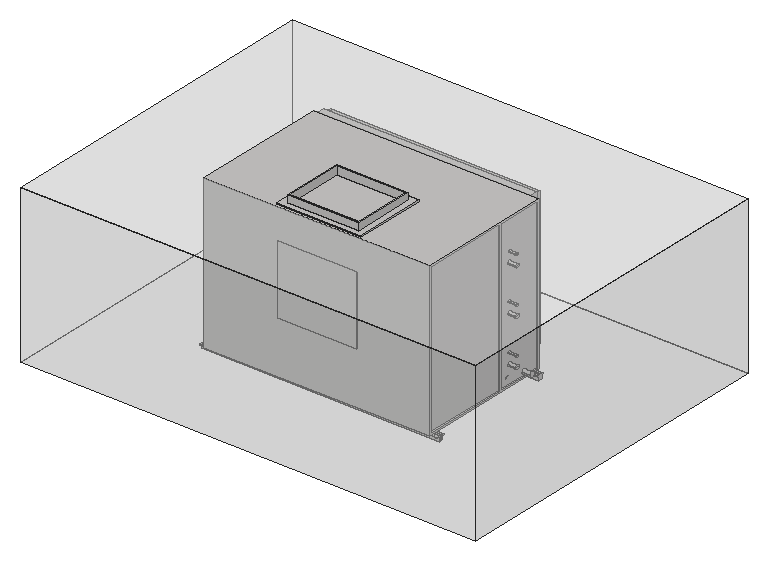
Revit family "outputfile", category 機械設備, Revit 2024
Family settings
  丸型コネクタ寸法 = 半径を使用
  パーツ タイプ = 標準
  OmniClass 番号 = 23.75.10.24.21.27.27
  OmniClass タイトル = Split System Air Conditioning Units
  作業面ベース = いいえ
  常に垂直 = はい
  ロード時にボイドで切り取り = いいえ
  注釈の向きを維持 = いいえ
  共有 = いいえ
  部屋計算ポイント = はい
Parameters (values of type "FBVN300H3BY1C")
  Description = ""
  書き出し IFC クラス(タイプ) = "IfcUnitaryEquipmentType"
  定義済み IFC タイプ(タイプ) = "AIRCONDITIONINGUNIT"
  Cost = 0
  Type Comments = ""
  Keynote = ""
  Type Image = (empty or 0)
  Assembly Code = ""
  switch_frequency = yes
  lw_power = 850 mm
  lw_frontpanel = 620 mm
  lw_box_front = lw_box + 18 mm  # 115 mm
  lw_box = 97 mm
  lw_RA = 853 mm
  lh_liquidpipe_3 = 267 mm
  lh_liquidpipe_2 = 626 mm
  lh_height_SA = 482 mm
  lh_ld_mountinghole_height = 35 mm
  lh_height_RA = 1073 mm
  lh_hangerfixture = 35 mm
  lh_gaspipe_3 = 187 mm
  lh_gaspipe_2 = 546 mm
  lh_frontpanel_bottom = if(Width = 1766 mm, 444 mm, if(Width = 2022 mm, 317 mm, 402 mm))  # 444 mm
  lh_frontpanel = if(Width = 1766 mm, 542 mm, if(Width = 2022 mm, 542 mm, 758 mm))  # 542 mm
  lh_circlevoid = 100.5 mm
  lh_box_top = 95 mm
  lh_box = 351 mm
  lh_SA = 1291 mm
  lh_RA = 659.5 mm
  ld_void = 680 mm
  ld_frontpanel = 0 mm
  ld_depth_SA = 301 mm
  ld_depth_RA = 130 mm
  ld_circlevoid = 294.5 mm
  ld_box_left = 115 mm
  ld_box = 490 mm
  connector_voltage = 0 V
  connector_powerinput = [Power Input (Cooling)]  # 29.700 kW
  connector_phase = 1
  製造元 = "Daikin"
  モデル = "FBVN300H3BY1C"
  w_pipe = 33 mm
  r_Liquid Pipe Size = Liquid Pipe Size / 2  # 6.35 mm
  r_Gas Pipe Size = Gas Pipe Size / 2  # 12.7 mm
  r_Drain Pipe Size = Drain Pipe Size / 2  # 17.0 mm
  lw_powersupply = lw_power  # 850 mm
  lw_width_RA = 1636 mm
  lw_width_SA = 560 mm
  lh_suctionflange [instance] = 100 mm
  ld_suctionflange [instance] = 190 mm
  ld_powersupply = 200 mm
  angle_vertical_RA [instance] = 90.00°
  angle horizontal_RA [instance] = 180.00°
  Voltage_comment_50Hz = "380 - 415"
  Voltage_50Hz = 400 V
  URL = ""
  Sound Power Level_H speed (dB) = 0
  Phase_50Hz = 3
  Minimum External Static Pressure = 0.00 Pa
  Minimum Circuit Amps_50Hz = 0.0 A
  Maximum Fuse Amps_50Hz = 0.0 A
  Maximum External Static Pressure = 200.00 Pa
  Material_Casing = DAIKIN_GalvanizedSteel_Casing_indoorunit
  lw_liquidpipe = 933 mm
  lw_gaspipe = 933 mm
  lw_mountinghole_pitch = 1826 mm
  lw_mountinghole = 1866 mm
  lw_drainpipe = 933 mm
  lh_powersupply = 785 mm
  lh_liquidpipe = 981 mm
  lh_gaspipe = 901 mm
  lh_mountinghole = 5 mm
  lh_drainpipe = 73 mm
  lh_antena = Height - 4 mm  # 1227 mm
  ld_liquidpipe = 262.5 mm
  ld_gaspipe = 262.5 mm
  ld_mountinghole_pitch = 974 mm
  ld_drainpipe = 405.5 mm
  ld_controlbox = 626 mm
  h*** = 0 mm  # constant formula
  d_dischargeflange = 60 mm
  Width = 1766 mm
  Version = "ver.1.0"
  Unit Type = "Duct"
  Unit Mass Weight = 337.00 kg
  Unit Designation [instance] = ""
  Uniclass2015Version = "Products v1.30"
  Uniclass2015Title = "Split coil room air conditioning units"
  Uniclass2015Code = "Pr_70_65_03_86"
  Total Cooling Capacity [instance] = 0.000 kW
  Sound Pressure Level_M speed (dBA) = 0
  Sound Pressure Level_L speed (dBA) = 0
  Sound Pressure Level_H speed (dBA) = 66
  Series = "Package Aircon_Fan Coil Unit"
  Sensible Cooling Capacity [instance] = 0.000 kW
  SA Duct Size Width = 560 mm
  SA Duct Size Height = 482 mm
  Refrigerant Type = "R410A"
  RA Duct Size Width = 1636 mm
  RA Duct Size Height = 1073 mm
  Power Input (Cooling) = 29.700 kW
  Option Accessory 3 [instance] = ""
  Option Accessory 2 [instance] = ""
  Option Accessory 1 [instance] = ""
  Nominal Cooling Capacity = 88.000 kW
  Minimum Airflow = 0.00 m³/h
  Median Airflow = 0.00 m³/h
  Maximum Airflow = 15291.00 m³/h
  Load Classification = HVAC
  Liquid Pipe Size = 12.7 mm
  Link_Nested Family [instance] = ""
  IfcVersion = ""
  IfcExportType = "AIRCONDITIONINGUNIT"
  IfcExportAs = "IfcUnitaryEquipmentType"
  Height = 1231 mm
  Heat Exchanger Type = "Cross Fin Coil"
  Gas Pipe Size = 25.4 mm
  Frequency_50Hz = 50 Hz
  Fan Type = "Sirocco Fan"
  Fan Drive = "-"
  FCU Tag No. [instance] = ""
  Drain Pipe Size = 34.0 mm
  Design Supply Airflow [instance] = 0.00 m³/h
  Design Return Airflow [instance] = 0.00 m³/h
  Design External Static Pressure [instance] = 0.00 Pa
  Depth = 1069 mm
  既定の高さ = 0 mm
  Cooling Entering Wet Bulb Temperature [instance] = 0.00 °C
  Cooling Entering Dry Bulb Temperature [instance] = 0.00 °C
  Cooling Ambient Wet Bulb Temperature [instance] = 0.00 °C
  Cooling Ambient Dry Bulb Temperature [instance] = 0.00 °C
  Clearance visibility [instance] = yes
  Clearance Top = 0 mm
  Clearance Right = 1000 mm
  Clearance Rear = 800 mm
  Clearance Left = 800 mm
  Clearance Front = 800 mm
  Clearance Bottom = 0 mm
Reference planes
  plane 1 "Center (Front/Back)": y = 0
  plane 2: z = 0
  plane 3 "Center (Left/Right)": x = 0
  plane 4 "Back": y = 534.5
  plane 5 "Front": y = -534.5
  plane 6 "Left": x = -883
  plane 7 "Right": x = 883
  plane 8 "Top": z = 0
  plane 9 "Bottom": z = -1231
  plane 10: z = -250
  plane 11: z = -330
  plane 12: x = -913
  plane 13: x = 913
  plane 14: x = 933
  plane 15: x = 933
  plane 16: z = -1226
  plane 17 "Clearance Left": x = -1683
  plane 18 "Clearance Right": x = 1883
  plane 19 "Clearance Rear": y = 1334.5
  plane 20 "Clearance Front": y = -1334.5
  plane 21 "Clearance Bottom": z = -1231
  plane 22: z = -1158
  plane 23 "ld_gas": y = 262.5
  plane 24: y = 262.5
  plane 25: y = -30
  plane 26: y = 405.5
  plane 27: y = 344.5
  plane 28: x = 933
  plane 29: y = 487
  plane 30: y = -487
  plane 31: y = -233.5
  plane 32: y = 664.5
  plane 33 "Clearance Top": z = 0
  plane 34: z = -446
  plane 35: y = -200
  plane 36 "hangerfixture": z = -1196
  plane 37 "lh_SA": z = 60
  plane 38 "lh_RA": z = -571.5
  plane 39 "RA_center": x = -30
  plane 40: y = -524.5
  plane 41: y = 155.5
  plane 42: y = 524.5
  plane 43: z = -10
  plane 44: z = -1186
  plane 45: y = 165.5
  plane 46: y = -524.5
  plane 47: y = 155.5
  plane 48: y = 524.5
  plane 49: z = -10
  plane 50: z = -1186
  plane 51: y = 165.5
  plane 52 "box_bottom": z = -446
  plane 53 "box_top": z = -95
  plane 54: x = -310
  plane 55: x = 310
  plane 56: y = -534.5
  plane 57: y = -524.5
  plane 58 "lw_power": x = 850
  plane 59: z = -605
  plane 60: z = -685
  plane 61: z = -964
  plane 62: z = -1044
  plane 63: x = 863
  plane 64: x = -863
  plane 65: z = -787
  plane 66: z = -245
Forms (mm)
  Extrusion 1, solid, material "DAIKIN_GalvanizedSteel_Casing_indoorunit" <- "Material_Casing"
    sketch origin (0, -0.8, 0) x (1, 0, 0) y (0, 1, 0)
      loop
        line (-883, -533.7) -> (883, -533.7) -> (883, 535.3) -> (-883, 535.3) -> (-883, -533.7)
    from -1196 to 0
  Revolve 2, solid, material "DAIKIN_GalvanizedSteel_Casing_indoorunit" <- "Material_Casing"
    sketch origin (0, 0, -330) x (0, -1, 0) y (1, 0, 0)
      loop
        line (-249.8, 863) -> (-249.8, 933) -> (-262.5, 933) -> (-262.5, 863) -> (-249.8, 863)
      axis (-262.5, 863) -> (-262.5, 933)
    angle from 0 to 360
  Revolve 3, solid, material "DAIKIN_GalvanizedSteel_Casing_indoorunit" <- "Material_Casing"
    sketch origin (0, 0, -250) x (0, -1, 0) y (1, 0, 0)
      loop
        line (-262.5, 863) -> (-262.5, 933) -> (-268.85, 933) -> (-268.85, 863) -> (-262.5, 863)
      axis (-262.5, 933) -> (-262.5, 863)
    angle from 0 to 360
  Extrusion 4, solid, material "DAIKIN_GalvanizedSteel_Casing_indoorunit" <- "Material_Casing"
    sketch origin (0, 0, 0) x (0, 1, 0) y (0, 0, 1)
      loop
        circle (405.5, -1158) r 17
    from 933 to 863
  Extrusion 5, void
    sketch origin (883, 0, 0) x (0, 1, 0) y (0, 0, 1)
      loop
        line (-524.5, -10) -> (-524.5, -1186) -> (155.5, -1186) -> (155.5, -10) -> (-524.5, -10)
      loop
        line (524.5, -10) -> (165.5, -10) -> (165.5, -1186) -> (524.5, -1186) -> (524.5, -10)
    from 0 to -20
  Extrusion 6, void
    sketch origin (-883, 0, 0) x (0, 1, 0) y (0, 0, 1)
      loop
        line (-524.5, -10) -> (-524.5, -1186) -> (155.5, -1186) -> (155.5, -10) -> (-524.5, -10)
      loop
        line (524.5, -10) -> (165.5, -10) -> (165.5, -1186) -> (524.5, -1186) -> (524.5, -10)
    from 0 to 20
  Extrusion 7, solid, material "DAIKIN_GalvanizedSteel_Casing_indoorunit" <- "Material_Casing"
    sketch origin (0, 0, -1231) x (-1, 0, 0) y (0, -1, 0)
      loop
        line (310, 524.5) -> (310, 534.5) -> (-310, 534.5) -> (-310, 524.5) -> (310, 524.5)
    from 444 to 986
  Revolve 8, solid, material "DAIKIN_GalvanizedSteel_Casing_indoorunit" <- "Material_Casing"
    sketch origin (0, 0, -685) x (0, -1, 0) y (1, 0, 0)
      loop
        line (-249.8, 863) -> (-249.8, 933) -> (-262.5, 933) -> (-262.5, 863) -> (-249.8, 863)
      axis (-262.5, 863) -> (-262.5, 933)
    angle from 0 to 360
  Revolve 9, solid, material "DAIKIN_GalvanizedSteel_Casing_indoorunit" <- "Material_Casing"
    sketch origin (0, 0, -605) x (0, -1, 0) y (1, 0, 0)
      loop
        line (-262.5, 863) -> (-262.5, 933) -> (-268.85, 933) -> (-268.85, 863) -> (-262.5, 863)
      axis (-262.5, 933) -> (-262.5, 863)
    angle from 0 to 360
  Extrusion 10, void
    sketch origin (883, 0, 0) x (0, 1, 0) y (0, 0, 1)
      loop
        circle (240, -1130.5) r 13.5
    from -21 to 0
  Revolve 11, solid, material "DAIKIN_GalvanizedSteel_Casing_indoorunit" <- "Material_Casing"
    sketch origin (0, 0, -1044) x (0, -1, 0) y (1, 0, 0)
      loop
        line (-249.8, 863) -> (-249.8, 933) -> (-262.5, 933) -> (-262.5, 863) -> (-249.8, 863)
      axis (-262.5, 863) -> (-262.5, 933)
    angle from 0 to 360
  Revolve 12, solid, material "DAIKIN_GalvanizedSteel_Casing_indoorunit" <- "Material_Casing"
    sketch origin (0, 0, -964) x (0, -1, 0) y (1, 0, 0)
      loop
        line (-262.5, 863) -> (-262.5, 933) -> (-268.85, 933) -> (-268.85, 863) -> (-262.5, 863)
      axis (-262.5, 933) -> (-262.5, 863)
    angle from 0 to 360
Cuts and joins
  Extrusion 5, Extrusion 6, Extrusion 10 cuts Extrusion 1
  Extrusion 6 cuts Revolve 2
  Extrusion 6 cuts Revolve 3
  Extrusion 6 cuts Extrusion 4
Dimensions and locks
  equal spacing: plane 12, plane 3 "Center (Left/Right)", plane 13
  "lw_mountinghole_pitch": plane 12 to plane 13
  "lh_liquidpipe": plane 10 to plane 9 "Bottom"
  "lh_gaspipe": plane 11 to plane 9 "Bottom"
  equal spacing: plane 6 "Left", plane 3 "Center (Left/Right)", plane 7 "Right"
  "Width": plane 6 "Left" to plane 7 "Right"
  "Clearance Right": plane 7 "Right" to plane 18 "Clearance Right"
  "Clearance Left": plane 17 "Clearance Left" to plane 6 "Left"
  "Clearance Rear": plane 19 "Clearance Rear" to plane 4 "Back"
  "Clearance Front": plane 5 "Front" to plane 20 "Clearance Front"
  "Depth": plane 4 "Back" to plane 5 "Front"
  equal spacing: plane 4 "Back", plane 1 "Center (Front/Back)", plane 5 "Front"
  "ld_suctionflange": plane 4 "Back" to plane 27
  "r_Liquid Pipe Size": nested 5 to Revolve 3 sketch curve
  equal spacing: plane 29, plane 1 "Center (Front/Back)", plane 30
  "ld_mountinghole_pitch": plane 29 to plane 30
  "lw_liquidpipe": plane 3 "Center (Left/Right)" to plane 14
  "lw_gaspipe": plane 3 "Center (Left/Right)" to plane 15
  "lw_drainpipe": plane 3 "Center (Left/Right)" to plane 28
  "lh_drainpipe": plane 22 to plane 9 "Bottom"
  "Clearance Top": plane 33 "Clearance Top" to plane 8 "Top"
  "Clearance Bottom": plane 9 "Bottom" to plane 21 "Clearance Bottom"
  "lh_powersupply": plane 34 to plane 9 "Bottom"
  plane 8 "Top" to level = 0 mm
  "lh_hangerfixture": plane 36 "hangerfixture" to plane 9 "Bottom"
  "lh_SA": plane 37 "lh_SA" to plane 9 "Bottom"
  "ld_depth_RA": plane 32 to plane 4 "Back"
  "lh_RA": plane 38 "lh_RA" to plane 9 "Bottom"
  "lw_RA": plane 6 "Left" to plane 39 "RA_center"
  locked: plane 36 "hangerfixture" to plane 44 at 10
  plane 5 "Front" to plane 40 = 10 mm
  locked: plane 8 "Top" to plane 43 at 10
  plane 42 to plane 4 "Back" = 10 mm
  "ld_void": plane 40 to plane 41
  "ld_void": plane 46 to plane 47
  plane 5 "Front" to plane 46 = 10 mm
  plane 48 to plane 4 "Back" = 10 mm
  locked: plane 8 "Top" to plane 49 at 10
  locked: plane 50 to plane 36 "hangerfixture" at 10
  "lh_box_top": plane 8 "Top" to plane 53 "box_top"
  "lh_box": plane 53 "box_top" to plane 52 "box_bottom"
  equal spacing: plane 54, plane 3 "Center (Left/Right)", plane 55
  "lw_power": plane 3 "Center (Left/Right)" to plane 58 "lw_power"
  "lh_gaspipe_2": plane 60 to plane 9 "Bottom"
  "lh_liquidpipe_2": plane 59 to plane 9 "Bottom"
  "ld_powersupply": plane 35 to plane 1 "Center (Front/Back)"
  "ld_drainpipe": plane 26 to plane 1 "Center (Front/Back)"
  "ld_gaspipe": plane 23 "ld_gas" to plane 1 "Center (Front/Back)"
  "r_Gas Pipe Size": plane 23 "ld_gas" to Revolve 8 sketch curve
  "r_Gas Pipe Size": plane 23 "ld_gas" to Revolve 2 sketch curve
  "r_Liquid Pipe Size": Revolve 9 sketch curve to plane 24
  "ld_liquidpipe": plane 24 to plane 1 "Center (Front/Back)"
  "ld_depth_SA": plane 31 to plane 5 "Front"
  "lh_circlevoid": Extrusion 10 sketch curve to plane 9 "Bottom"
  "Height": plane 8 "Top" to plane 9 "Bottom"
  "lh_mountinghole": plane 16 to plane 9 "Bottom"
  "lh_gaspipe_3": plane 62 to plane 9 "Bottom"
  "lh_liquidpipe_3": plane 61 to plane 9 "Bottom"
  "ld_circlevoid": Extrusion 10 sketch curve to plane 4 "Back"
  locked: plane 63 to plane 7 "Right" at 20
  locked: plane 6 "Left" to plane 64 at 20
  "lh_frontpanel_bottom": plane 65 to plane 9 "Bottom"
  "lh_frontpanel": plane 66 to plane 65
  "r_Gas Pipe Size": plane 24 to Revolve 11 sketch curve
  "r_Liquid Pipe Size": Revolve 12 sketch curve to plane 24
  "lw_frontpanel": plane 54 to plane 55
  locked: plane 57 to plane 5 "Front" at 10
  "ld_frontpanel": plane 5 "Front" to plane 56
  locked: plane 41 to plane 45 at 10
  locked: plane 47 to plane 51 at 10
  "r_Drain Pipe Size": radius of Extrusion 4 sketch curve
  diameter of Extrusion 10 sketch curve = 27 mm
  aligned and locked: level to plane 2
  aligned and locked: plane 8 "Top" to Extrusion 1
  aligned and locked: Revolve 2 sketch curve to Revolve 2 sketch curve
  aligned and locked: plane 14 to nested 5
  aligned and locked: nested 5 to plane 10
  aligned and locked: plane 13 to nested 2
  aligned and locked: plane 12 to nested 3
  aligned and locked: plane 12 to nested 4
  aligned and locked: nested 6 to plane 11
  aligned and locked: plane 23 "ld_gas" to nested 6
  aligned and locked: plane 24 to nested 5
  aligned and locked: Extrusion 4 sketch curve to plane 26
  aligned and locked: nested 10 to plane 19 "Clearance Rear"
  aligned and locked: nested 10 to plane 18 "Clearance Right"
  aligned and locked: nested 10 to plane 17 "Clearance Left"
  aligned and locked: nested 10 to plane 20 "Clearance Front"
  aligned and locked: plane 28 to Extrusion 4
  aligned and locked: plane 15 to nested 6  (x2)
  aligned and locked: plane 13 to nested 1
  aligned and locked: plane 26 to nested 7
  aligned and locked: nested 7 to plane 22
  aligned and locked: nested 7 to plane 28
  aligned and locked: plane 29 to nested 1
  aligned and locked: plane 30 to nested 2
  aligned and locked: nested 4 to plane 29
  aligned and locked: nested 3 to plane 30
  aligned and locked: nested 9 to plane 4 "Back"
  aligned and locked: plane 32 to nested 13
  aligned and locked: plane 3 "Center (Left/Right)" to nested 12
  aligned and locked: nested 10 to plane 33 "Clearance Top"
  aligned and locked: nested 10 to plane 21 "Clearance Bottom"
  aligned and locked: nested 11 to plane 9 "Bottom"
  aligned and locked: plane 36 "hangerfixture" to Extrusion 1
  aligned and locked: Extrusion 1 to plane 5 "Front"
  aligned and locked: Extrusion 1 to plane 4 "Back"
  aligned and locked: plane 38 "lh_RA" to nested 9
  aligned and locked: nested 13 to plane 38 "lh_RA"
  aligned and locked: plane 39 "RA_center" to nested 9
  aligned and locked: nested 13 to plane 39 "RA_center"
  aligned and locked: Extrusion 5 sketch curve to plane 43
  aligned and locked: Extrusion 5 sketch curve to plane 40
  aligned and locked: plane 44 to Extrusion 5 sketch curve
  aligned and locked: Extrusion 5 sketch curve to plane 41
  aligned and locked: plane 43 to Extrusion 5 sketch curve
  aligned and locked: Extrusion 5 sketch curve to plane 42
  aligned and locked: Extrusion 5 sketch curve to plane 44
  aligned and locked: Extrusion 5 sketch curve to plane 45
  aligned and locked: Extrusion 6 sketch curve to plane 49
  aligned and locked: Extrusion 6 sketch curve to plane 46
  aligned and locked: plane 50 to Extrusion 6 sketch curve
  aligned and locked: Extrusion 6 sketch curve to plane 47
  aligned and locked: plane 49 to Extrusion 6 sketch curve
  aligned and locked: Extrusion 6 sketch curve to plane 48
  aligned and locked: Extrusion 6 sketch curve to plane 50
  aligned and locked: Extrusion 6 sketch curve to plane 51
  aligned and locked: Extrusion 7 sketch curve to plane 57
  aligned and locked: Extrusion 7 sketch curve to plane 54
  aligned and locked: plane 56 to Extrusion 7 sketch curve
  aligned and locked: plane 55 to Extrusion 7 sketch curve
  aligned and locked: Revolve 8 sketch curve to Revolve 8 sketch curve
  aligned and locked: nested 15 to plane 59
  aligned and locked: nested 16 to plane 60
  aligned and locked: plane 14 to Revolve 9
  aligned and locked: nested 15 to plane 14
  aligned and locked: plane 15 to cut or joined group of Revolve 2, Extrusion 6  (x3)
  aligned and locked: cut or joined group of Revolve 2, Extrusion 6 to plane 15
  aligned and locked: nested 14 to plane 35
  aligned and locked: Revolve 2 sketch curve to plane 23 "ld_gas"
  aligned and locked: plane 23 "ld_gas" to nested 16
  aligned and locked: plane 24 to nested 15
  aligned and locked: plane 37 "lh_SA" to nested 12
  aligned and locked: plane 37 "lh_SA" to nested 8
  aligned and locked: plane 31 to nested 12
  aligned and locked: plane 31 to nested 8
  aligned and locked: cut or joined group of Extrusion 1, Extrusion 5, Extrusion 6, Extrusion 10 to cut or joined group of Extrusion 4, Extrusion 6
  aligned and locked: cut or joined group of Extrusion 1, Extrusion 5, Extrusion 6, Extrusion 10 to Revolve 9
  aligned and locked: Revolve 8 to cut or joined group of Extrusion 1, Extrusion 5, Extrusion 6, Extrusion 10
  aligned and locked: cut or joined group of Extrusion 1, Extrusion 5, Extrusion 6, Extrusion 10 to cut or joined group of Revolve 3, Extrusion 6
  aligned and locked: cut or joined group of Revolve 2, Extrusion 6 to cut or joined group of Extrusion 1, Extrusion 5, Extrusion 6, Extrusion 10
  aligned and locked: nested 14 to plane 58 "lw_power"
  aligned and locked: nested 14 to plane 34
  aligned and locked: Revolve 11 sketch curve to Revolve 11 sketch curve
  aligned and locked: nested 17 to plane 61
  aligned and locked: nested 18 to plane 62
  aligned and locked: plane 64 to cut or joined group of Extrusion 1, Extrusion 5, Extrusion 6, Extrusion 10
  aligned and locked: Extrusion 5 to plane 63
  aligned and locked: plane 24 to nested 17
  aligned and locked: plane 23 "ld_gas" to nested 18
  aligned and locked: Extrusion 7 to plane 65
  aligned and locked: plane 66 to Extrusion 7
Automatic sketch dimensions
  Extrusion 1 sketch curve to plane 4 "Back" = 0 mm
  Extrusion 1 sketch curve to plane 6 "Left" = 0 mm
  Extrusion 1 sketch curve to plane 5 "Front" = 0 mm
  Extrusion 1 sketch curve to plane 7 "Right" = 0 mm
  Revolve 3 sketch curve to plane 23 "ld_gas" = 0 mm  (x2)
  Revolve 3 sketch curve to plane 14 = 0 mm  (x2)
  Revolve 3 sketch curve to plane 7 "Right" = 20 mm
  plane 7 "Right" to Revolve 3 sketch curve = 15 mm
  Extrusion 4 sketch curve to plane 22 = 0 mm
  Revolve 9 sketch curve to plane 23 "ld_gas" = 0 mm  (x2)
  Revolve 9 sketch curve to plane 14 = 0 mm  (x2)
  Revolve 9 sketch curve to plane 7 "Right" = 20 mm
  plane 7 "Right" to Revolve 9 sketch curve = 15 mm
  Revolve 12 sketch curve to plane 14 = 0 mm  (x2)
  Revolve 12 sketch curve to plane 23 "ld_gas" = 0 mm  (x2)
  Revolve 12 sketch curve to plane 7 "Right" = 20 mm
  plane 7 "Right" to Revolve 12 sketch curve = 15 mm
  Revolve 2 sketch curve to plane 63 = 0 mm
  Revolve 2 sketch curve to plane 14 = 0 mm
  plane 7 "Right" to Revolve 2 sketch curve = 2.003 mm
  plane 14 to Revolve 2 sketch curve = 1.003 mm
  Revolve 8 sketch curve to plane 23 "ld_gas" = 0 mm
  Revolve 8 sketch curve to plane 63 = 0 mm
  Revolve 8 sketch curve to plane 14 = 0 mm
  plane 7 "Right" to Revolve 8 sketch curve = 2.003 mm
  plane 14 to Revolve 8 sketch curve = 1.003 mm
  Revolve 11 sketch curve to plane 23 "ld_gas" = 0 mm
  Revolve 11 sketch curve to plane 63 = 0 mm
  Revolve 11 sketch curve to plane 14 = 0 mm
  plane 7 "Right" to Revolve 11 sketch curve = 2.003 mm
  plane 14 to Revolve 11 sketch curve = 1.003 mm
Nested families
  nested 1: "daikin_mountinghole" at (913, 487, -1231), Link_Nested Family <- "Link_Nested Family", h_mountinghole <- "lh_mountinghole", l_antenna <- "lh_antena", type "daikin_mountinghole"
    with show yes, l_antenna 1227 mm, h_mountinghole 5 mm, Link_Nested Family "", d_circle 23 mm
  nested 2: "daikin_mountinghole" at (913, -487, -1231), Link_Nested Family <- "Link_Nested Family", h_mountinghole <- "lh_mountinghole", l_antenna <- "lh_antena", type "daikin_mountinghole"
    with show yes, l_antenna 1227 mm, h_mountinghole 5 mm, Link_Nested Family "", d_circle 23 mm
  nested 3: "daikin_mountinghole" at (-913, -487, -1231), Link_Nested Family <- "Link_Nested Family", h_mountinghole <- "lh_mountinghole", l_antenna <- "lh_antena", type "daikin_mountinghole"
    with show yes, l_antenna 1227 mm, h_mountinghole 5 mm, Link_Nested Family "", d_circle 23 mm
  nested 4: "daikin_mountinghole" at (-913, 487, -1231), Link_Nested Family <- "Link_Nested Family", h_mountinghole <- "lh_mountinghole", l_antenna <- "lh_antena", type "daikin_mountinghole"
    with show yes, l_antenna 1227 mm, h_mountinghole 5 mm, Link_Nested Family "", d_circle 23 mm
  nested 5: "daikin_connector_rotate2" at (0, 262.5, -250) x (0, 1, 0) z (0, 0, 1), length <- "lw_liquidpipe", built-in parameter 1001364 <- "lh_liquidpipe", radius <- "r_Liquid Pipe Size", type "daikin_connector_rotate2"
    with radius 6.35 mm, length 933 mm, angle_vertical 90.00°
  nested 6: "daikin_connector_rotate2" at (0, 262.5, -330) x (0, 1, 0) z (0, 0, 1), length <- "lw_gaspipe", built-in parameter 1001364 <- "lh_gaspipe", radius <- "r_Gas Pipe Size", type "daikin_connector_rotate2"
    with radius 12.7 mm, length 933 mm, angle_vertical 90.00°
  nested 7: "daikin_connector_rotate2" at (0, 405.5, -1158) x (0, 1, 0) z (0, 0, 1), built-in parameter 1001364 <- "lh_drainpipe", length <- "lw_drainpipe", radius <- "r_Drain Pipe Size", type "daikin_connector_rotate2"
    with radius 17 mm, length 933 mm, angle_vertical 90.00°
  nested 8: "daikin_connector_rotate2" at (0, -233.5, 0) x (1, 0, 0) z (0, 1, 0), length <- "d_dischargeflange", type "daikin_connector_rotate2"
    with radius 10 mm, length 60 mm, angle_vertical 90.00°
  nested 9: "daikin_ductflange_FBVN-H3BY1C" at (-30, 534.5, -571.5), material <- "Material_Casing", width <- "lw_width_RA", height <- "lh_height_RA", depth <- "ld_depth_RA", type "daikin_ductflange_FBVN-H3BY1C"
    with x 15 mm, width 1636 mm, material DAIKIN_GalvanizedSteel_Casing_indoorunit, height 1073 mm, depth 130 mm
  nested 10: "daikin_clearancespace" at (100, 0, -615.381), visible <- "Clearance visibility", show <- "Clearance visibility", Link_Nested Family <- "Link_Nested Family", type "daikin_clearancespace"
    with width 3566 mm, show yes, height 1231 mm, depth 2669 mm, Link_Nested Family ""
  nested 11: "daikin_hangerfixture_FBVN-H3BY1C" at (0, 0, -1231), type "daikin_hangerfixture_FBVN-H3BY1C"
  nested 12: "daikin_ductflange_FBVN-H3BY1C_1" at (0, -422.901, 0) x (1, 0, 0) z (0, 1, 0), width <- "lw_width_SA", material <- "Material_Casing", height <- "lh_height_SA", depth <- "d_dischargeflange", type "daikin_ductflange_FBVN-H3BY1C_1"
    with width 560 mm, t 10 mm, material DAIKIN_GalvanizedSteel_Casing_indoorunit, height 482 mm, depth 60 mm
  nested 13: "daikin_connector_rotate2" at (-30, 534.5, -571.5) x (-1, 0, 0) z (0, 0, 1), length <- "ld_depth_RA", type "daikin_connector_rotate2"
    with radius 10 mm, length 130 mm, angle_vertical 90.00°
  nested 14: "daikin_connector_rotate2" at (850, -200, -95) x (0, 1, 0) z (1, 0, 0), length <- "lh_box", type "daikin_connector_rotate2"
    with radius 10 mm, length 351 mm, angle_vertical 90.00°
  nested 15: "daikin_connector_rotate2" at (0, 262.5, -605) x (0, 1, 0) z (0, 0, 1), length <- "lw_liquidpipe", built-in parameter 1001364 <- "lh_liquidpipe", radius <- "r_Liquid Pipe Size", type "daikin_connector_rotate2"
    with radius 6.35 mm, length 933 mm, angle_vertical 90.00°
  nested 16: "daikin_connector_rotate2" at (0, 262.5, -685) x (0, 1, 0) z (0, 0, 1), length <- "lw_gaspipe", built-in parameter 1001364 <- "lh_gaspipe", radius <- "r_Gas Pipe Size", type "daikin_connector_rotate2"
    with radius 12.7 mm, length 933 mm, angle_vertical 90.00°
  nested 17: "daikin_connector_rotate2" at (0, 262.5, -964) x (0, 1, 0) z (0, 0, 1), length <- "lw_liquidpipe", built-in parameter 1001364 <- "lh_liquidpipe", radius <- "r_Liquid Pipe Size", type "daikin_connector_rotate2"
    with radius 6.35 mm, length 933 mm, angle_vertical 90.00°
  nested 18: "daikin_connector_rotate2" at (0, 262.5, -1044) x (0, 1, 0) z (0, 0, 1), length <- "lw_gaspipe", built-in parameter 1001364 <- "lh_gaspipe", radius <- "r_Gas Pipe Size", type "daikin_connector_rotate2"
    with radius 12.7 mm, length 933 mm, angle_vertical 90.00°
Connectors
  piping at (933, 262.5, -330), diameter 25.4, driven by "r_Gas Pipe Size"
    settings: on nested 6, index 1, connector inside diameter 609.6 mm, connector length 0 mm, flow factor 0, pipe flow 0.00 m³/h, pressure drop 0.0 Pa, fitting loss kfactor 0, connector angle 0.00°, fixture units 0, engagement length 0 mm, angle of deflection 0.00°, flow configuration 1, flow direction 2, fitting loss method 0, system type 29, joint type 0, gender type 0, connector reference index -1, connector utility 0, adjustable connector no, is connector primary yes, connector description "Refrigerant Gas Piping"
  piping at (933, 262.5, -250), diameter 12.7, driven by "r_Liquid Pipe Size"
    settings: on nested 5, index 2, connector inside diameter 609.6 mm, connector length 0 mm, flow factor 0, pipe flow 0.00 m³/h, pressure drop 0.0 Pa, fitting loss kfactor 0, connector angle 0.00°, fixture units 0, engagement length 0 mm, angle of deflection 0.00°, flow configuration 1, flow direction 1, fitting loss method 0, system type 29, joint type 0, gender type 0, connector reference index -1, connector utility 0, adjustable connector no, is connector primary no, connector description "Refrigerant Liquid Piping"
  piping at (933, 405.5, -1158), diameter 34, driven by "r_Drain Pipe Size"
    settings: on nested 7, index 3, connector inside diameter 609.6 mm, connector length 0 mm, flow factor 0, pipe flow 0.00 m³/h, pressure drop 0.0 Pa, fitting loss kfactor 0, connector angle 0.00°, fixture units 0, engagement length 0 mm, angle of deflection 0.00°, flow configuration 1, flow direction 2, fitting loss method 4, system type 16, joint type 0, gender type 0, connector reference index -1, connector utility 0, adjustable connector no, is connector primary no, connector description "Condensate Drain Piping"
  hvac at (0, -233.5, 60), driven by "SA Duct Size Height", driven by "SA Duct Size Width"
    settings: on nested 8, index 7, duct flow 0.00 m³/h, flow factor 0, pres drop 0.00 Pa, loss coef 0, conn angle 0.00°, conn width 560.0 mm, conn height 482.0 mm, conn diameter 609.6 mm, duct sys type 1, conn prof type 1, flow config 0, flow direction 2, loss method 4, conn ref index -1, conn util no, is conn primary yes, conn desc "SA Duct"
  hvac at (-30, 664.5, -571.5), driven by "RA Duct Size Width", driven by "RA Duct Size Height"
    settings: on nested 13, index 8, duct flow 0.00 m³/h, flow factor 0, pres drop 0.00 Pa, loss coef 0, conn angle 0.00°, conn width 1636.0 mm, conn height 1073.0 mm, conn diameter 609.6 mm, duct sys type 2, conn prof type 1, flow config 0, flow direction 1, loss method 4, conn ref index -1, conn util no, is conn primary no, conn desc "RA Duct"
  electrical at (850, -200, -446), driven by "Load Classification", driven by "connector_phase", driven by "connector_powerinput", driven by "connector_voltage"
    settings: on nested 14, index 9, voltage 0 V, apparent load 29700 VA, apparent load phase1 0 VA, apparent load phase2 0 VA, apparent load phase3 0 VA, power factor 1, load classification "HVAC", number of poles 1, system type 30, power factor state 1, is connector primary yes, connector utility no, sub classification motor no, connector description "Power Supply"
  piping at (933, 262.5, -685), diameter 25.4, driven by "r_Gas Pipe Size"
    settings: on nested 16, index 10, connector inside diameter 609.6 mm, connector length 0 mm, flow factor 0, pipe flow 0.00 m³/h, pressure drop 0.0 Pa, fitting loss kfactor 0, connector angle 0.00°, fixture units 0, engagement length 0 mm, angle of deflection 0.00°, flow configuration 1, flow direction 2, fitting loss method 0, system type 29, joint type 0, gender type 0, connector reference index -1, connector utility 0, adjustable connector no, is connector primary no, connector description "Refrigerant Gas Piping"
  piping at (933, 262.5, -605), diameter 12.7, driven by "r_Liquid Pipe Size"
    settings: on nested 15, index 11, connector inside diameter 609.6 mm, connector length 0 mm, flow factor 0, pipe flow 0.00 m³/h, pressure drop 0.0 Pa, fitting loss kfactor 0, connector angle 0.00°, fixture units 0, engagement length 0 mm, angle of deflection 0.00°, flow configuration 1, flow direction 1, fitting loss method 0, system type 29, joint type 0, gender type 0, connector reference index -1, connector utility 0, adjustable connector no, is connector primary no, connector description "Refrigerant Liquid Piping"
  piping at (933, 262.5, -1044), diameter 25.4, driven by "r_Gas Pipe Size"
    settings: on nested 18, index 12, connector inside diameter 609.6 mm, connector length 0 mm, flow factor 0, pipe flow 0.00 m³/h, pressure drop 0.0 Pa, fitting loss kfactor 0, connector angle 0.00°, fixture units 0, engagement length 0 mm, angle of deflection 0.00°, flow configuration 1, flow direction 2, fitting loss method 0, system type 29, joint type 0, gender type 0, connector reference index -1, connector utility 0, adjustable connector no, is connector primary no, connector description "Refrigerant Gas Piping"
  piping at (933, 262.5, -964), diameter 12.7, driven by "r_Liquid Pipe Size"
    settings: on nested 17, index 13, connector inside diameter 609.6 mm, connector length 0 mm, flow factor 0, pipe flow 0.00 m³/h, pressure drop 0.0 Pa, fitting loss kfactor 0, connector angle 0.00°, fixture units 0, engagement length 0 mm, angle of deflection 0.00°, flow configuration 1, flow direction 1, fitting loss method 0, system type 29, joint type 0, gender type 0, connector reference index -1, connector utility 0, adjustable connector no, is connector primary no, connector description "Refrigerant Liquid Piping"
Definition of nested family "daikin_ductflange_FBVN-H3BY1C"
  Parameters (values of type "daikin_ductflange_2FGN-HTL")
    x [instance] = if(width = 1636 mm, 15 mm, 35 mm)  # 15 mm
    width [instance] = 1636 mm
    material [instance] = none
    height [instance] = 747 mm
    depth [instance] = 130 mm
    Default Elevation = 0 mm
  Reference planes
    plane 1 "Center (Front/Back)": y = 0
    plane 2: z = 0
    plane 3 "Center (Left/Right)": x = 0
    plane 4: x = -818
    plane 5: x = 818
    plane 6: z = 373.5
    plane 7: z = -373.5
    plane 8: y = 80
    plane 9: y = 130
    plane 10: x = -813
    plane 11: x = 813
    plane 12: z = -368.5
    plane 13: z = 368.5
    plane 14: x = -833
    plane 15: x = 833
    plane 16: z = 393.5
    plane 17: z = -380
  Forms (mm)
    Extrusion 1, solid, material <- "material"
      sketch origin (0, 0, 0) x (1, 0, 0) y (0, 0, 1)
        loop
          line (-833, 393.5) -> (-833, -380) -> (833, -380) -> (833, 393.5) -> (-833, 393.5)
        loop
          line (-813, 368.5) -> (-813, -368.5) -> (813, -368.5) -> (813, 368.5) -> (-813, 368.5)
      from 0 to -80
    Extrusion 2, solid, material <- "material"
      sketch origin (0, 0, 0) x (1, 0, 0) y (0, 0, 1)
        loop
          line (-818, 373.5) -> (-818, -373.5) -> (818, -373.5) -> (818, 373.5) -> (-818, 373.5)
        loop
          line (813, 368.5) -> (-813, 368.5) -> (-813, -368.5) -> (813, -368.5) -> (813, 368.5)
      from -130 to -80
  Cuts and joins
    joined: Extrusion 1, Extrusion 2
  Dimensions and locks
    equal spacing: plane 5, plane 3 "Center (Left/Right)", plane 4
    "width": plane 5 to plane 4
    equal spacing: plane 6, level, plane 7
    "height": plane 6 to plane 7
    locked: plane 1 "Center (Front/Back)" to plane 8 at 80
    "depth": plane 1 "Center (Front/Back)" to plane 9
    plane 6 to plane 13 = 5 mm
    plane 12 to plane 7 = 5 mm
    plane 5 to plane 11 = 5 mm
    plane 10 to plane 4 = 5 mm
    "x": plane 4 to plane 14
    "x": plane 15 to plane 5
    locked: plane 16 to plane 6 at 20
    locked: plane 7 to plane 17 at 6.5
    aligned and locked: level to plane 2
    aligned and locked: Extrusion 1 to plane 8
    aligned and locked: plane 1 "Center (Front/Back)" to Extrusion 1
    aligned and locked: Extrusion 2 to plane 9
    aligned and locked: Extrusion 2 to Extrusion 1
    aligned and locked: plane 13 to Extrusion 2 sketch curve
    aligned and locked: plane 11 to Extrusion 2 sketch curve
    aligned and locked: Extrusion 2 sketch curve to plane 12
    aligned and locked: Extrusion 2 sketch curve to plane 10
    aligned and locked: Extrusion 1 sketch curve to plane 16
    aligned and locked: plane 14 to Extrusion 1 sketch curve
    aligned and locked: plane 17 to Extrusion 1 sketch curve
    aligned and locked: Extrusion 1 sketch curve to plane 15
  Automatic sketch dimensions
    Extrusion 2 sketch curve to plane 4 = 0 mm
    Extrusion 2 sketch curve to plane 5 = 0 mm
    Extrusion 2 sketch curve to plane 7 = 0 mm
    Extrusion 2 sketch curve to plane 6 = 0 mm
    plane 4 to Extrusion 1 sketch curve = 5 mm
    Extrusion 1 sketch curve to plane 5 = 5 mm
    plane 7 to Extrusion 1 sketch curve = 5 mm
    Extrusion 1 sketch curve to plane 6 = 5 mm
Definition of nested family "daikin_clearancespace"
  Parameters (values of type "daikin_clearancespace")
    Description = "daikin_clearancespace"
    width [instance] = 1823.963 mm
    show [instance] = yes
    material = none
    height [instance] = 1359.762 mm
    depth [instance] = 880 mm
    Default Elevation = 0 mm
    Link_Nested Family [instance] = ""
  Reference planes
    plane 1 "Center (Front/Back)": y = 0
    plane 2 "Center (Elevation)": z = -0.119
    plane 3 "Center (Left/Right)": x = 0
    plane 4: y = 440
    plane 5: y = -440
    plane 6 "Right": x = 911.982
    plane 7 "Left": x = -911.982
    plane 8 "Top": z = 679.762
    plane 9 "Bottom": z = -680
  Forms (mm)
    Extrusion 1, solid, material <- "material", visible <- "show"
      sketch origin (0, 0, 0) x (1, 0, 0) y (0, 1, 0)
        loop
          line (-911.982, 440) -> (-911.982, -440) -> (911.982, -440) -> (911.982, 440) -> (-911.982, 440)
      from -680 to 679.762
  Lines and regions (mm)
    symbolic lines, visible <- "show"
      curve 1: line (911.982, 440, 0) -> (-911.982, 440, 0)
      curve 2: line (-911.982, 440, 0) -> (-911.982, -440, 0)
      curve 3: line (-911.982, -440, 0) -> (911.982, -440, 0)
      curve 4: line (911.982, -440, 0) -> (911.982, 440, 0)
      curve 5: line (911.982, 0, 679.762) -> (-911.982, 0, 679.762)
      curve 6: line (911.982, 0, -680) -> (911.982, 0, 679.762)
      curve 7: line (-911.982, 0, -680) -> (911.982, 0, -680)
      curve 8: line (-911.982, 0, 679.762) -> (-911.982, 0, -680)
      curve 9: line (0, 440, 679.762) -> (0, -440, 679.762)
      curve 10: line (0, -440, 679.762) -> (0, -440, -680)
      curve 11: line (0, 440, -680) -> (0, 440, 679.762)
      curve 12: line (0, -440, -680) -> (0, 440, -680)
  Dimensions and locks
    "width": plane 7 "Left" to plane 6 "Right"
    "depth": plane 4 to plane 5
    "height": plane 8 "Top" to plane 9 "Bottom"
    equal spacing: plane 7 "Left", plane 3 "Center (Left/Right)", plane 6 "Right"
    equal spacing: plane 4, plane 1 "Center (Front/Back)", plane 5
    equal spacing: plane 8 "Top", plane 2 "Center (Elevation)", plane 9 "Bottom"
    aligned and locked: level to plane 2 "Center (Elevation)"
    aligned and locked: Extrusion 1 sketch curve to plane 4
    aligned and locked: plane 7 "Left" to Extrusion 1 sketch curve
    aligned and locked: Extrusion 1 sketch curve to plane 5
    aligned and locked: Extrusion 1 sketch curve to plane 6 "Right"
    aligned and locked: plane 8 "Top" to Extrusion 1
    aligned and locked: curve 1 to Extrusion 1
    aligned and locked: curve 2 to Extrusion 1
    aligned and locked: curve 3 to Extrusion 1
    aligned and locked: curve 4 to Extrusion 1
    aligned and locked: curve 5 to Extrusion 1
    aligned and locked: curve 6 to Extrusion 1
    aligned and locked: curve 7 to Extrusion 1
    aligned and locked: curve 8 to Extrusion 1
    aligned and locked: curve 9 to Extrusion 1
    aligned and locked: curve 10 to Extrusion 1
    aligned and locked: curve 11 to Extrusion 1
    aligned and locked: curve 12 to Extrusion 1
    aligned and locked: Extrusion 1 to plane 9 "Bottom"
Definition of nested family "daikin_hangerfixture_FBVN-H3BY1C"
  Parameters (values of type "daikin_hangerfixture_2FGN-HTL")
    width = 1826 mm
    material = none
    height = 35 mm
    e = 40 mm
    depth = 974 mm
    Default Elevation = 0 mm
    G = 1866 mm
    E = 50 mm
  Reference planes
    plane 1 "Center (Front/Back)": y = 0
    plane 2: z = 0
    plane 3 "Center (Left/Right)": x = 0
    plane 4: x = 913
    plane 5: x = -913
    plane 6: z = 35
    plane 7: y = 487
    plane 8: y = -487
    plane 9: x = -933
    plane 10: x = 933
    plane 11: y = 527
    plane 12: y = -527
  Forms (mm)
    Extrusion 1, solid
      sketch origin (0, 0, 0) x (0, 1, 0) y (0, 0, 1)
        loop
          line (-499.93, 0) -> (-474.07, 0) -> (-474.07, 30) -> (-463.449, 30) -> (-463.449, 35) -> (-479.07, 35) -> (-479.07, 5) -> (-494.93, 5) -> (-494.93, 35) -> (-512.86, 35) -> (-512.86, 30) -> (-499.93, 30) -> (-499.93, 0)
        loop
          line (499.93, 0) -> (499.93, 30) -> (512.86, 30) -> (512.86, 35) -> (494.93, 35) -> (494.93, 5) -> (479.07, 5) -> (479.07, 35) -> (463.449, 35) -> (463.449, 30) -> (474.07, 30) -> (474.07, 0) -> (499.93, 0)
      from -933 to 933
    Extrusion 2, void
      sketch origin (0, 0, 0) x (1, 0, 0) y (0, 1, 0)
        loop
          circle (-913, 487) r 7.5
        loop
          circle (-913, -487) r 7.5
        loop
          circle (913, -487) r 7.5
        loop
          circle (913, 487) r 7.5
      from 0 to 9
  Cuts and joins
    Extrusion 2 cuts Extrusion 1
  Dimensions and locks
    "width": plane 5 to plane 4
    equal spacing: plane 5, plane 3 "Center (Left/Right)", plane 4
    "depth": plane 8 to plane 7
    equal spacing: plane 8, plane 1 "Center (Front/Back)", plane 7
    "height": plane 6 to level
    "e": plane 7 to plane 11
    "e": plane 12 to plane 8
    equal spacing: plane 9, plane 3 "Center (Left/Right)", plane 10
    "G": plane 9 to plane 10
    Extrusion 1 sketch curve to Extrusion 1 sketch curve to Extrusion 1 sketch curve to plane 8 to Extrusion 1 sketch curve to Extrusion 1 sketch curve to Extrusion 1 sketch curve = 12.93 mm locked, 5 mm locked, 7.93 mm locked, 7.93 mm locked, 5 mm locked, 10.621 mm locked
    Extrusion 1 sketch curve to Extrusion 1 sketch curve to Extrusion 1 sketch curve to plane 7 to Extrusion 1 sketch curve to Extrusion 1 sketch curve to Extrusion 1 sketch curve = 10.621 mm locked, 5 mm locked, 7.93 mm locked, 7.93 mm locked, 5 mm locked, 12.93 mm locked
    aligned and locked: level to plane 2
    aligned and locked: Extrusion 1 to plane 9
    aligned and locked: plane 10 to Extrusion 1
    aligned and locked: plane 7 to Extrusion 2 sketch curve  (x2)
    aligned and locked: plane 5 to Extrusion 2 sketch curve  (x2)
    aligned and locked: plane 8 to Extrusion 2 sketch curve  (x2)
    aligned and locked: plane 4 to Extrusion 2 sketch curve  (x2)
  Automatic sketch dimensions
    Extrusion 1 sketch curve to plane 6 = 0 mm  (x4)
    Extrusion 1 sketch curve to level = 0 mm  (x2)
    Extrusion 1 sketch curve to plane 6 = 5 mm  (x3)
    level to Extrusion 1 sketch curve = 5 mm  (x2)
    Extrusion 1 sketch curve to Extrusion 1 sketch curve = 5 mm
    radius of Extrusion 2 sketch curve = 7.5 mm  (x4)
Definition of nested family "daikin_ductflange_FBVN-H3BY1C_1"
  Parameters (values of type "daikin_ductflange_2FDN200HTL_1")
    width [instance] = 474 mm
    t [instance] = 10 mm
    material [instance] = none
    height [instance] = 408 mm
    depth [instance] = 60 mm
    Default Elevation = 0 mm
  Reference planes
    plane 1 "Center (Front/Back)": y = 0
    plane 2: z = 189.401
    plane 3 "Center (Left/Right)": x = 0
    plane 4: y = 0
    plane 5: y = -60
    plane 6: y = -10
    plane 7: z = 393.401
    plane 8: z = -14.599
    plane 9: x = -227
    plane 10: x = 227
    plane 11: x = -237
    plane 12: x = 237
    plane 13: z = 383.401
    plane 14: z = -4.599
    plane 15: x = -287
    plane 16: z = 433.401
    plane 17: z = -54.599
    plane 18: x = 287
  Forms (mm)
    Extrusion 1, solid, material <- "material"
      sketch origin (0, 0, 0) x (1, 0, 0) y (0, 0, 1)
        loop
          line (-237, 393.401) -> (-237, -14.599) -> (237, -14.599) -> (237, 393.401) -> (-237, 393.401)
        loop
          line (-227, 383.401) -> (-227, -4.599) -> (227, -4.599) -> (227, 383.401) -> (-227, 383.401)
      from 10 to 60
    Extrusion 2, solid, material <- "material"
      sketch origin (0, 0, 0) x (1, 0, 0) y (0, 0, 1)
        loop
          line (-287, 433.401) -> (-287, -54.599) -> (287, -54.599) -> (287, 433.401) -> (-287, 433.401)
        loop
          line (-227, 383.401) -> (-227, -4.599) -> (227, -4.599) -> (227, 383.401) -> (-227, 383.401)
      from 0 to 10
  Cuts and joins
    joined: Extrusion 1, Extrusion 2
  Dimensions and locks
    plane 4 to plane 1 "Center (Front/Back)" = 0 mm
    "depth": plane 5 to plane 4
    plane 6 to plane 4 = 10 mm
    equal spacing: plane 7, level, plane 8
    "height": plane 7 to plane 8
    equal spacing: plane 10, plane 3 "Center (Left/Right)", plane 9
    "t": plane 9 to plane 11
    "t": plane 12 to plane 10
    "t": plane 7 to plane 13
    "t": plane 14 to plane 8
    plane 11 to plane 15 = 50 mm
    plane 18 to plane 12 = 50 mm
    plane 16 to plane 7 = 40 mm
    plane 8 to plane 17 = 40 mm
    "width": plane 12 to plane 11
    aligned and locked: level to plane 2
    aligned and locked: Extrusion 1 sketch curve to plane 7
    aligned and locked: plane 11 to Extrusion 1 sketch curve
    aligned and locked: plane 8 to Extrusion 1 sketch curve
    aligned and locked: Extrusion 1 sketch curve to plane 12
    aligned and locked: Extrusion 1 sketch curve to plane 13
    aligned and locked: plane 9 to Extrusion 1 sketch curve
    aligned and locked: plane 14 to Extrusion 1 sketch curve
    aligned and locked: Extrusion 1 sketch curve to plane 10
    aligned and locked: plane 6 to Extrusion 1
    aligned and locked: Extrusion 1 to plane 5
    aligned and locked: Extrusion 2 sketch curve to plane 16
    aligned and locked: plane 15 to Extrusion 2 sketch curve
    aligned and locked: plane 17 to Extrusion 2 sketch curve
    aligned and locked: Extrusion 2 sketch curve to plane 18
    aligned and locked: Extrusion 2 sketch curve to Extrusion 1  (x4)
    aligned and locked: Extrusion 2 to plane 1 "Center (Front/Back)"
    aligned and locked: Extrusion 2 to plane 6
  Automatic sketch dimensions
    Extrusion 2 sketch curve to plane 15 = 0 mm
Definition of nested family "daikin_mountinghole"
  Parameters (values of type "daikin_mountinghole")
    Default Elevation = 1219.2 mm
    Type Comments = "mountinghole"
    show [instance] = yes
    material = none
    l_centerline = 100 mm
    l_antenna [instance] = 100 mm
    h_mountinghole [instance] = 0 mm
    d_circle = 30 mm
    Link_Nested Family [instance] = ""
  Reference planes
    plane 1 "Center (Front/Back)": y = 0
    plane 2: z = 0
    plane 3 "Center (Left/Right)": x = 0
    plane 4: y = 50
    plane 5: x = -50
    plane 6: x = 50
    plane 7: y = -50
    plane 8 "h_mountinghole": z = 0
    plane 9: z = 100
  Lines and regions (mm)
    model lines, detail levels fine
      curve 1: circle (0, 0, 0) r 15 normal (0, 0, 1)
      curve 2: line (-50, 0, 0) -> (50, 0, 0)
      curve 3: line (0, 50, 0) -> (0, -50, 0)
    symbolic lines, detail levels fine
      curve 4: circle (0, 0, 0) r 15 normal (0, 0, 1)
      curve 5: line (-50, 0, 0) -> (50, 0, 0)
      curve 6: line (0, 50, 0) -> (0, -50, 0)
    model lines
      curve 7: line (0, 0, 100) -> (0, 0, 0)
  Dimensions and locks
    equal spacing: plane 4, plane 1 "Center (Front/Back)", plane 7
    "l_centerline": plane 4 to plane 7
    equal spacing: plane 5, plane 3 "Center (Left/Right)", plane 6
    "l_centerline": plane 5 to plane 6
    "l_antenna": plane 9 to plane 8 "h_mountinghole"
    "h_mountinghole": plane 8 "h_mountinghole" to plane 2
    "d_circle": diameter of curve 1
    "d_circle": diameter of curve 4
    aligned and locked: level to plane 2
    aligned and locked: plane 1 "Center (Front/Back)" to curve 1
    aligned and locked: plane 3 "Center (Left/Right)" to curve 1
    aligned and locked: plane 1 "Center (Front/Back)" to curve 2
    aligned and locked: curve 3 to plane 3 "Center (Left/Right)"
    aligned and locked: plane 6 to curve 2
    aligned and locked: plane 5 to curve 2
    aligned and locked: plane 4 to curve 3
    aligned and locked: plane 7 to curve 3
    aligned and locked: plane 1 "Center (Front/Back)" to curve 4
    aligned and locked: plane 3 "Center (Left/Right)" to curve 4
    aligned and locked: plane 6 to curve 5
    aligned and locked: plane 5 to curve 5
    aligned and locked: plane 1 "Center (Front/Back)" to curve 5
    aligned and locked: plane 4 to curve 6
    aligned and locked: plane 7 to curve 6
    aligned and locked: curve 6 to plane 3 "Center (Left/Right)"
    aligned and locked: curve 7 to plane 3 "Center (Left/Right)"
    aligned and locked: plane 9 to curve 7
    aligned and locked: plane 8 "h_mountinghole" to curve 7
Definition of nested family "daikin_connector_rotate2"
  Parameters (values of type "daikin_connector_rotate2")
    show_face = no
    radius [instance] = 10 mm
    length [instance] = 600 mm
    d_surface = 10 mm
    angle_vertical [instance] = 90.00°
    Default Elevation = 0 mm
  Reference planes
    plane 1 "Center (Front/Back)": y = 0
    plane 2: z = 0
    plane 3 "Center (Left/Right)": x = 0
  Forms (mm)
    Extrusion 1, solid, visible <- "show_face"
      sketch origin (0, -600, 0) x (1, 0, 0) y (0, 0, 1)
        loop
          circle (0, 0) r 10
      from 0 to -10
  Lines and regions (mm)
    reference lines
      curve 1: line (0, 0, 0) -> (0, -600, 0)
    symbolic lines
      curve 2: circle (0, 0, 0) r 5 normal (0, 0, 1)
    model lines, visible <- "show_face"
      curve 3: line (0, 0, 0) -> (0, -600, 0)
  Dimensions and locks
    "length": curve 1 to curve 1
    "length": curve 3 to curve 3
    "d_surface": Extrusion 1 to Extrusion 1
    "radius": radius of Extrusion 1 sketch curve
    "angle_vertical": angle curve 1 to plane 1 "Center (Front/Back)"
    "angle_vertical": angle curve 3 to plane 1 "Center (Front/Back)"
    aligned and locked: level to plane 2
    aligned and locked: plane 1 "Center (Front/Back)" to curve 1
    aligned and locked: plane 2 to curve 1
    aligned and locked: plane 1 "Center (Front/Back)" to curve 2
    aligned and locked: plane 3 "Center (Left/Right)" to curve 2
    aligned and locked: plane 1 "Center (Front/Back)" to curve 3
    aligned and locked: plane 2 to curve 3
    aligned and locked: Extrusion 1 to Extrusion 1
  Automatic sketch dimensions
    Extrusion 1 sketch curve to level = 0 mm
    Extrusion 1 sketch curve to plane 3 "Center (Left/Right)" = 0 mm
    radius of curve 2 = 5 mm
